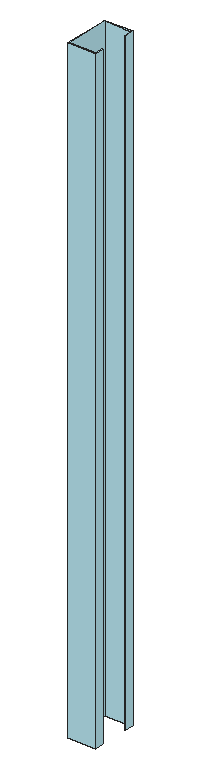
Revit family "lg75x45x15x1-6", category 機械設備, Revit 2022
Family settings
  丸型コネクタ寸法 = 直径を使用
  種別 = なし
  パーツ タイプ = 標準
  作業面ベース = いいえ
  常に垂直 = はい
  ロード時にボイドで切り取り = いいえ
  注釈の向きを維持 = いいえ
  共有 = いいえ
  部屋計算ポイント = いいえ
Parameters
  製造元 = "株式会社桐井製作所"
  既定の高さ = 0 mm
  URL = "https://www.kirii.co.jp/"
  K_長さ(mm) [instance] = 1000 mm
  K_材質 = "SSC400"
  K_断面積A(mm2) = 295.1
  K_断面係数Zy(mm3) = 3133
  K_断面係数Zx(mm3) = 7237
  K_断面2次半径iy(mm) = 17.2
  K_断面2次半径ix(mm) = 30.3
  K_断面2次モーメントIy(mm4) = 87100
  K_断面2次モーメントIx(mm4) = 271400
  K_外形寸法(mm) = "75×45×15×1.6"
  K_品名 = "(JIS)75×45×15×1.6"
  K_名称 = "補強材"
  K_単位質量(kg/m) = 2.351
  K_ヤング係数E(N/mm2) = 205000
  K_バージョン情報 = "20210524"
  K_めっき付着量 = "Z12"
  K_JIS規格 = "JIS G 3350"
Reference planes
  plane 1 "中心(正面/背面)": y = 0
  plane 2: z = 0
  plane 3 "中心(左/右)": x = 0
  plane 4: z = 1000
  plane 5: y = 75
Forms (mm)
  Extrusion 1, solid
    sketch origin (0, 0, 0) x (1, 0, 0) y (0, 1, 0)
      loop
        line (0, 0) -> (45, 0) -> (45, 15) -> (43.4, 15) -> (43.4, 1.6) -> (1.6, 1.6) -> (1.6, 73.4) -> (43.4, 73.4) -> (43.4, 60) -> (45, 60) -> (45, 75) -> (0, 75) -> (0, 0)
    from 0 to 1000
Dimensions and locks
  "K_長さ(mm)": plane 4 to plane 2
  aligned and locked: level to plane 2
  aligned and locked: plane 4 to Extrusion 1
  aligned and locked: plane 5 to Extrusion 1
Automatic sketch dimensions
  Extrusion 1 sketch curve to plane 3 "中心(左/右)" = 0 mm
  plane 1 "中心(正面/背面)" to Extrusion 1 sketch curve = 0 mm
  plane 3 "中心(左/右)" to Extrusion 1 sketch curve = 1.6 mm
  Extrusion 1 sketch curve to plane 1 "中心(正面/背面)" = 1.6 mm
  Extrusion 1 sketch curve to Extrusion 1 sketch curve = 1.6 mm  (x3)
  Extrusion 1 sketch curve to Extrusion 1 sketch curve = 13.4 mm  (x2)
  Extrusion 1 sketch curve to Extrusion 1 sketch curve = 45 mm
  Extrusion 1 sketch curve to Extrusion 1 sketch curve = 41.8 mm  (x2)
